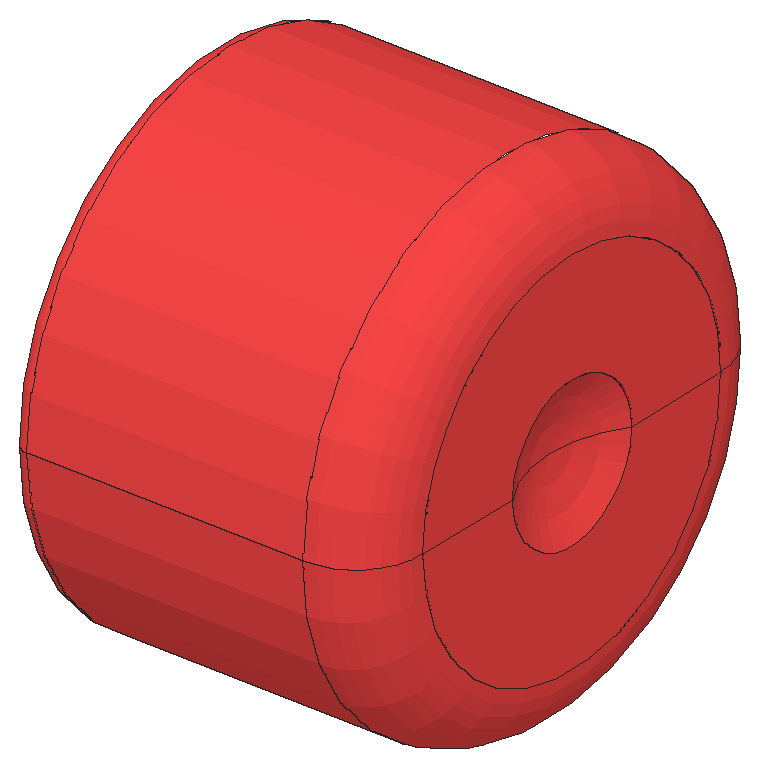
Revit family "Aquatherm_Заглушка B1", category Соединительные детали трубопроводов, Revit 2019
Family settings
  Размер круглого соединителя = Использовать диаметр
  Тип детали = Заглушка
  На основе рабочей плоскости = Нет
  Всегда вертикально = Да
  При загрузке вырезать с полостями = Нет
  Общий = Нет
Parameters (values of type "SDR 7.4")
  Материал_Корпус = AquaTherm red pipe
  z [instance] = size_lookup("Заглушка", "z", 5 mm, d)  # 8 mm
  URL = "www.agpipe.ru"
  SDR = 7.4 mm
  l [instance] = size_lookup("Заглушка", "l", 50 mm, d)  # 24 mm
  d [instance] = 25 mm
  D [instance] = size_lookup("Заглушка", "D", d + 10 mm, d)  # 34 mm
  ADSK_Примечание = ""
  ADSK_Позиция [instance] = ""
  ADSK_Обозначение = ""
  ADSK_Наименование [instance] = size_lookup("Заглушка", "ADSK_Наименование", "Нет в каталоге", d)  # "Заглушка/B1 DN25"
  ADSK_Масса_Текст [instance] = size_lookup("Заглушка", "ADSK_Масса_Текст", "Нет в каталоге", d)  # "0.009"
  ADSK_Код изделия [instance] = size_lookup("Заглушка", "ADSK_Код изделия", "Нет в каталоге", d)  # "4114110"
  ADSK_Завод-изготовитель = "Aquatherm"  # constant formula
  ADSK_Единица измерения = "шт."  # constant formula
Reference planes
  plane 1 "По центру (Вперед/Назад)": y = 0
  plane 2: z = 0
  plane 3 "По центру (Влево/Вправо)": x = 0
  plane 4: y = -17
  plane 5: y = 17
  plane 6: x = -12
  plane 7: x = 12
  plane 8: x = 4
  plane 9: y = -12.5
  plane 10: y = 12.5
Forms (mm)
  Revolve 1, solid, material "AquaTherm red pipe" <- "Материал_Корпус"
    sketch origin (0, 0, 0) x (1, 0, 0) y (0, 1, 0)
      loop
        arc (-11, 17) -> (-11.707, 16.707) -> (-12, 16) r 1
        line (-12, 16) -> (-12, 13.475)
        arc (-12, 13.475) -> (-11.714, 12.786) -> (-11.025, 12.5) r 0.975
        line (-11.025, 12.5) -> (4, 12.5) -> (4, 0) -> (10.422, 0)
        arc (10.422, 0) -> (10.826, 2.622) -> (12, 5) r 8.71
        line (12, 5) -> (12, 12.5)
        arc (12, 12.5) -> (10.682, 15.682) -> (7.5, 17) r 4.5
        line (7.5, 17) -> (-11, 17)
      axis (12, 0) -> (-12, 0)
    angle from 0 to 360
Dimensions and locks
  equal spacing: plane 4, plane 1 "По центру (Вперед/Назад)", plane 5
  "D": plane 4 to plane 5
  equal spacing: plane 6, plane 3 "По центру (Влево/Вправо)", plane 7
  "l": plane 6 to plane 7
  "z": plane 8 to plane 7
  equal spacing: plane 10, plane 1 "По центру (Вперед/Назад)", plane 9
  "d": plane 10 to plane 9
  locked: plane 1 "По центру (Вперед/Назад)" to Revolve 1 sketch curve at 5
  locked: Revolve 1 sketch curve to plane 7 at 1.578
  aligned and locked: level to plane 2
  aligned and locked: plane 6 to Revolve 1 sketch curve
  aligned and locked: Revolve 1 sketch curve to plane 10
  aligned and locked: Revolve 1 sketch curve to plane 5
  aligned and locked: Revolve 1 sketch curve to plane 7
  aligned and locked: plane 8 to Revolve 1 sketch curve
  aligned and locked: Revolve 1 sketch curve to plane 1 "По центру (Вперед/Назад)"  (x2)
Automatic sketch dimensions
  plane 10 to Revolve 1 sketch curve = 0 mm
  Revolve 1 sketch curve to Revolve 1 sketch curve = 0.975 mm
  Revolve 1 sketch curve to plane 5 = 1 mm
  Revolve 1 sketch curve to plane 6 = 8.868 mm
  Revolve 1 sketch curve to Revolve 1 sketch curve = 0 mm
Connectors
  piping at (4, 0, 0), diameter 25, driven by "d"
    settings: on Revolve 1, index 1, connector inside diameter 609.6 mm, connector length 0 mm, flow factor 0, pipe flow 0.0 L/s, pressure drop 0.0 Pa, fitting loss kfactor 0, connector angle 0.00°, fixture units 0, engagement length 0 mm, angle of deflection 0.00°, flow configuration 0, flow direction 0, fitting loss method 0, system type 28, joint type 0, gender type 0, connector reference index -1, connector utility 0, adjustable connector no, is connector primary yes, connector description ""
